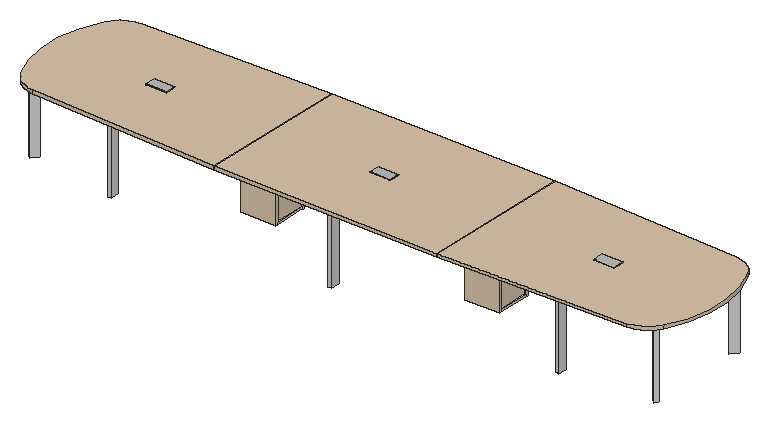
Revit family "Haworth_Planes_ConferenceTable_PebbleThreePiece", category Furniture Systems, Revit 2018 (continued)
Definition of nested family "Haworth_Planes_Worksurface_Pebble_3Piece_PART"
  Definition of nested family "Haworth_Planes_Worksurface_Pebble48_3Pieces_Part"
    Lines and regions (in)
      Masking region 8, visible <- "228w"
        outline origin (245.81191, -460.95037, 0) x (1, 0, 0) y (0, 1, 0)
          loop
            arc (-285.15192, 499.79037) -> (-316.10344, 499.16431) -> (-347.00453, 497.29037) r 767.38717
            arc (-347.00453, 497.29037) -> (-353.55586, 494.63267) -> (-357.47386, 488.74774) r 12
      Masking region 9, visible <- "234w"
        outline origin (245.81191, -514.33881, 0) x (1, 0, 0) y (0, 1, 0)
          loop
            arc (-360.47386, 542.13618) -> (-362.33191, 529.33881) -> (-360.47386, 516.54145) r 45
            arc (-360.47386, 516.54145) -> (-356.55586, 510.65651) -> (-350.00453, 507.99881) r 12
            arc (-350.00453, 507.99881) -> (-318.10265, 506.12484) -> (-286.15191, 505.49881) r 817.7136
            line (-286.15191, 505.49881) -> (-205.47191, 505.49881)
            arc (-205.47191, 505.49881) -> (-173.52118, 506.12484) -> (-141.6193, 507.99881) r 817.7136
            arc (-141.6193, 507.99881) -> (-135.06797, 510.65651) -> (-131.14997, 516.54145) r 12
            arc (-131.14997, 516.54145) -> (-129.29191, 529.33881) -> (-131.14997, 542.13618) r 45
            arc (-131.14997, 542.13618) -> (-135.06797, 548.02111) -> (-141.6193, 550.67881) r 12
            arc (-141.6193, 550.67881) -> (-173.52118, 552.55278) -> (-205.47191, 553.17881) r 817.7136
            line (-205.47191, 553.17881) -> (-286.15192, 553.17881)
            arc (-286.15192, 553.17881) -> (-318.10265, 552.55278) -> (-350.00453, 550.67881) r 817.7136
            arc (-350.00453, 550.67881) -> (-356.55586, 548.02111) -> (-360.47386, 542.13618) r 12
      Masking region 10, visible <- "240w"
        outline origin (246, -565.90155, 0) x (1, 0, 0) y (0, 1, 0)
          loop
            arc (-363.53189, 593.69891) -> (-365.38994, 580.90155) -> (-363.53189, 568.10418) r 45
            arc (-363.53189, 568.10418) -> (-359.61389, 562.21924) -> (-353.06256, 559.56155) r 12
            arc (-353.06256, 559.56155) -> (-320.15994, 557.68755) -> (-287.20994, 557.06155) r 869.64144
            line (-287.20994, 557.06155) -> (-204.52994, 557.06155)
            arc (-204.52994, 557.06155) -> (-171.57995, 557.68755) -> (-138.67733, 559.56155) r 869.64144
            arc (-138.67733, 559.56155) -> (-132.126, 562.21924) -> (-128.208, 568.10418) r 12
            arc (-128.208, 568.10418) -> (-126.34994, 580.90155) -> (-128.208, 593.69891) r 45
            arc (-128.208, 593.69891) -> (-132.126, 599.58385) -> (-138.67733, 602.24155) r 12
            arc (-138.67733, 602.24155) -> (-171.57995, 604.11555) -> (-204.52994, 604.74155) r 869.64144
            line (-204.52994, 604.74155) -> (-287.20995, 604.74155)
            arc (-287.20995, 604.74155) -> (-320.15994, 604.11555) -> (-353.06256, 602.24155) r 869.64144
            arc (-353.06256, 602.24155) -> (-359.61389, 599.58385) -> (-363.53189, 593.69891) r 12
      Masking region 11, visible <- "246w"
        outline origin (245.51366, -616.21148, 0) x (1, 0, 0) y (0, 1, 0)
          loop
            arc (-366.17561, 644.00884) -> (-368.03366, 631.21148) -> (-366.17561, 618.41411) r 45
            arc (-366.17561, 618.41411) -> (-362.25761, 612.52917) -> (-355.70628, 609.87148) r 12
            arc (-355.70628, 609.87148) -> (-321.80296, 607.99745) -> (-287.85366, 607.37148) r 923.17069
            line (-287.85366, 607.37148) -> (-203.17366, 607.37148)
            arc (-203.17366, 607.37148) -> (-169.22437, 607.99745) -> (-135.32105, 609.87148) r 923.17069
            arc (-135.32105, 609.87148) -> (-128.76972, 612.52917) -> (-124.85172, 618.41411) r 12
            arc (-124.85172, 618.41411) -> (-122.99366, 631.21148) -> (-124.85172, 644.00884) r 45
            arc (-124.85172, 644.00884) -> (-128.76972, 649.89378) -> (-135.32105, 652.55148) r 12
            arc (-135.32105, 652.55148) -> (-169.22437, 654.4255) -> (-203.17366, 655.05148) r 923.17069
            line (-203.17366, 655.05148) -> (-287.85367, 655.05148)
            arc (-287.85367, 655.05148) -> (-321.80296, 654.4255) -> (-355.70628, 652.55148) r 923.17069
            arc (-355.70628, 652.55148) -> (-362.25761, 649.89378) -> (-366.17561, 644.00884) r 12
      Masking region 12, visible <- "252w"
        outline origin (245.59049, -665.89644, 0) x (1, 0, 0) y (0, 1, 0)
          loop
            arc (-369.25244, 693.6938) -> (-371.11049, 680.89644) -> (-369.25244, 668.09908) r 45
            arc (-369.25244, 668.09908) -> (-365.33443, 662.21414) -> (-358.7831, 659.55644) r 12
            arc (-358.7831, 659.55644) -> (-323.87913, 657.68239) -> (-288.93049, 657.05644) r 978.30135
            line (-288.93049, 657.05644) -> (-202.25049, 657.05644)
            arc (-202.25049, 657.05644) -> (-167.30185, 657.68239) -> (-132.39788, 659.55644) r 978.30135
            arc (-132.39788, 659.55644) -> (-125.84655, 662.21414) -> (-121.92854, 668.09908) r 12
            arc (-121.92854, 668.09908) -> (-120.07049, 680.89644) -> (-121.92854, 693.6938) r 45
            arc (-121.92854, 693.6938) -> (-125.84655, 699.57874) -> (-132.39788, 702.23644) r 12
            arc (-132.39788, 702.23644) -> (-167.30185, 704.11049) -> (-202.25049, 704.73644) r 978.30135
            line (-202.25049, 704.73644) -> (-288.93049, 704.73644)
            arc (-288.93049, 704.73644) -> (-323.87913, 704.11049) -> (-358.7831, 702.23644) r 978.30135
            arc (-358.7831, 702.23644) -> (-365.33443, 699.57874) -> (-369.25244, 693.6938) r 12
      Masking region 13, visible <- "258w"
        outline origin (245.82512, -715.85657, 0) x (1, 0, 0) y (0, 1, 0)
          loop
            arc (-372.48706, 743.65393) -> (-374.34512, 730.85657) -> (-372.48706, 718.0592) r 45
            arc (-372.48706, 718.0592) -> (-368.56906, 712.17426) -> (-362.01773, 709.51657) r 12
            arc (-362.01773, 709.51657) -> (-326.11314, 707.6425) -> (-290.16512, 707.01657) r 1035.03342
            line (-290.16512, 707.01657) -> (-201.48512, 707.01657)
            arc (-201.48512, 707.01657) -> (-165.5371, 707.6425) -> (-129.6325, 709.51657) r 1035.03342
            arc (-129.6325, 709.51657) -> (-123.08118, 712.17426) -> (-119.16317, 718.0592) r 12
            arc (-119.16317, 718.0592) -> (-117.30512, 730.85657) -> (-119.16317, 743.65393) r 45
            arc (-119.16317, 743.65393) -> (-123.08118, 749.53887) -> (-129.6325, 752.19657) r 12
            arc (-129.6325, 752.19657) -> (-165.5371, 754.07064) -> (-201.48511, 754.69657) r 1035.03342
            line (-201.48511, 754.69657) -> (-290.16512, 754.69657)
            arc (-290.16512, 754.69657) -> (-326.11314, 754.07064) -> (-362.01773, 752.19657) r 1035.03342
            arc (-362.01773, 752.19657) -> (-368.56906, 749.53887) -> (-372.48706, 743.65393) r 12
      Masking region 14, visible <- "264w"
        outline origin (246.09494, -766.82462, 0) x (1, 0, 0) y (0, 1, 0)
          loop
            arc (-375.75688, 794.62199) -> (-377.61494, 781.82462) -> (-375.75688, 769.02726) r 45
            arc (-375.75688, 769.02726) -> (-371.83888, 763.14232) -> (-365.28755, 760.48462) r 12
            arc (-365.28755, 760.48462) -> (-328.38237, 758.61053) -> (-291.43494, 757.98462) r 1093.36691
            line (-291.43494, 757.98462) -> (-200.75494, 757.98462)
            arc (-200.75494, 757.98462) -> (-163.80751, 758.61053) -> (-126.90233, 760.48462) r 1093.36691
            arc (-126.90233, 760.48462) -> (-120.351, 763.14232) -> (-116.43299, 769.02726) r 12
            arc (-116.43299, 769.02726) -> (-114.57494, 781.82462) -> (-116.43299, 794.62199) r 45
            arc (-116.43299, 794.62199) -> (-120.351, 800.50692) -> (-126.90233, 803.16462) r 12
            arc (-126.90233, 803.16462) -> (-163.8075, 805.03871) -> (-200.75494, 805.66462) r 1093.36691
            line (-200.75494, 805.66462) -> (-291.43494, 805.66462)
            arc (-291.43494, 805.66462) -> (-328.38237, 805.03871) -> (-365.28755, 803.16462) r 1093.36691
            arc (-365.28755, 803.16462) -> (-371.83888, 800.50692) -> (-375.75688, 794.62199) r 12
      Masking region 15, visible <- "270w"
        outline origin (247.23913, -818.23831, 0) x (1, 0, 0) y (0, 1, 0)
          loop
            arc (-379.90107, 846.03568) -> (-381.75913, 833.23831) -> (-379.90107, 820.44095) r 45
            arc (-379.90107, 820.44095) -> (-375.98307, 814.55601) -> (-369.43174, 811.89831) r 12
            arc (-369.43174, 811.89831) -> (-331.526, 810.0242) -> (-293.57913, 809.39831) r 1153.3018
            line (-293.57913, 809.39831) -> (-200.89913, 809.39831)
            arc (-200.89913, 809.39831) -> (-162.95225, 810.0242) -> (-125.04652, 811.89831) r 1153.3018
            arc (-125.04652, 811.89831) -> (-118.49519, 814.55601) -> (-114.57718, 820.44095) r 12
            arc (-114.57718, 820.44095) -> (-112.71913, 833.23831) -> (-114.57718, 846.03568) r 45
            arc (-114.57718, 846.03568) -> (-118.49519, 851.92062) -> (-125.04652, 854.57831) r 12
            arc (-125.04652, 854.57831) -> (-162.95225, 856.45242) -> (-200.89912, 857.07831) r 1153.3018
            line (-200.89912, 857.07831) -> (-293.57913, 857.07831)
            arc (-293.57913, 857.07831) -> (-331.526, 856.45242) -> (-369.43174, 854.57831) r 1153.3018
            arc (-369.43174, 854.57831) -> (-375.98307, 851.92062) -> (-379.90107, 846.03568) r 12
      symbolic lines, visible <- "186w", detail levels medium+fine
        curve 1: line (-30.84, 38.83768, 0) -> (-30.84, -8.83768, 0)
        curve 2: line (30.84, -8.83768, 0) -> (30.84, 38.83768, 0)
      symbolic lines, visible <- "192w", detail levels medium+fine
        curve 3: line (31.84, -8.83786, 0) -> (31.84, 38.83786, 0)
        curve 4: line (-31.84, 38.83786, 0) -> (-31.84, -8.83786, 0)
      symbolic lines, visible <- "198w", detail levels medium+fine
        curve 5: line (-32.84, 38.83802, 0) -> (-32.84, -8.83802, 0)
        curve 6: line (32.84, -8.83802, 0) -> (32.84, 38.83802, 0)
      symbolic lines, visible <- "204w", detail levels medium+fine
        curve 7: line (33.84, -8.83817, 0) -> (33.84, 38.83817, 0)
        curve 8: line (-33.84, 38.83817, 0) -> (-33.84, -8.83817, 0)
      symbolic lines, visible <- "210w", detail levels medium+fine
        curve 9: line (-34.84, 38.72863, 0) -> (-34.84, -8.94796, 0)
        curve 10: line (34.84, -8.94796, 0) -> (34.84, 38.72863, 0)
      symbolic lines, visible <- "216w", detail levels medium+fine
        curve 11: line (35.84, -8.83841, 0) -> (35.84, 38.83841, 0)
        curve 12: line (-35.84, 38.83841, 0) -> (-35.84, -8.83841, 0)
      symbolic lines, visible <- "222w", detail levels medium+fine
        curve 13: line (-36.84, 38.83852, 0) -> (-36.84, -8.83852, 0)
        curve 14: line (36.84, -8.83852, 0) -> (36.84, 38.83852, 0)
      symbolic lines, visible <- "228w", detail levels medium+fine
        curve 15: line (37.84, -8.83861, 0) -> (37.84, 38.83861, 0)
        curve 16: line (-37.84, 38.83861, 0) -> (-37.84, -8.83861, 0)
      symbolic lines, visible <- "234w", detail levels medium+fine
        curve 17: line (-38.84, 38.8387, 0) -> (-38.84, -8.8387, 0)
        curve 18: line (38.84, -8.8387, 0) -> (38.84, 38.8387, 0)
      symbolic lines, visible <- "240w", detail levels medium+fine
        curve 19: line (39.97006, -8.83878, 0) -> (39.97006, 38.83878, 0)
        curve 20: line (-39.70994, 38.83878, 0) -> (-39.70994, -8.83878, 0)
      symbolic lines, visible <- "246w", detail levels medium+fine
        curve 21: line (-40.84, 38.83885, 0) -> (-40.84, -8.83885, 0)
        curve 22: line (40.84, -8.83885, 0) -> (40.84, 38.83885, 0)
      symbolic lines, visible <- "252w", detail levels medium+fine
        curve 23: line (41.84, -8.83891, 0) -> (41.84, 38.83891, 0)
        curve 24: line (-41.84, 38.83891, 0) -> (-41.84, -8.83891, 0)
      symbolic lines, visible <- "258w", detail levels medium+fine
        curve 25: line (-42.84, 38.83897, 0) -> (-42.84, -8.83897, 0)
        curve 26: line (42.84, -8.83897, 0) -> (42.84, 38.83897, 0)
      symbolic lines, visible <- "264w", detail levels medium+fine
        curve 27: line (43.84, -8.83903, 0) -> (43.84, 38.83903, 0)
        curve 28: line (-43.84, 38.83903, 0) -> (-43.84, -8.83903, 0)
      symbolic lines, visible <- "270w", detail levels medium+fine
        curve 29: line (-44.84, 38.83908, 0) -> (-44.84, -8.83908, 0)
        curve 30: line (44.84, -8.83908, 0) -> (44.84, 38.83908, 0)
    Dimensions and locks (in)
      "Thickness": plane 4 "Table Top" to plane 5 "Table Bottom"
      "Actual Height": plane 4 "Table Top" to level
      "Cutout Dimension": plane 6 "Cutout Top" to plane 7 "Cutout Bottom"
      plane 6 "Cutout Top" to plane 4 "Table Top" = 1"
      locked: plane 4 "Table Top" to plane 8 "KnifeEdge Middle" at 0.375
      aligned and locked: plane 4 "Table Top" to Extrusion 15
      aligned and locked: plane 4 "Table Top" to Extrusion 30
      aligned and locked: plane 4 "Table Top" to Extrusion 14
      aligned and locked: plane 4 "Table Top" to Extrusion 13
      aligned and locked: plane 4 "Table Top" to Extrusion 29
      aligned and locked: plane 4 "Table Top" to Extrusion 12
      aligned and locked: plane 4 "Table Top" to Extrusion 11
      aligned and locked: plane 4 "Table Top" to Extrusion 7
      aligned and locked: plane 4 "Table Top" to Extrusion 8
      aligned and locked: plane 4 "Table Top" to Extrusion 10
      aligned and locked: plane 4 "Table Top" to Extrusion 9
      aligned and locked: plane 4 "Table Top" to Extrusion 1
      aligned and locked: plane 4 "Table Top" to Extrusion 6
      aligned and locked: plane 4 "Table Top" to Extrusion 5
      aligned and locked: plane 4 "Table Top" to Extrusion 4
      aligned and locked: plane 4 "Table Top" to Extrusion 3
      aligned and locked: plane 4 "Table Top" to Extrusion 2
      aligned and locked: Extrusion 15 to plane 5 "Table Bottom"
      aligned and locked: Extrusion 14 to plane 5 "Table Bottom"
      aligned and locked: Extrusion 13 to plane 5 "Table Bottom"
      aligned and locked: Extrusion 12 to plane 5 "Table Bottom"
      aligned and locked: Extrusion 11 to plane 5 "Table Bottom"
      aligned and locked: Extrusion 10 to plane 5 "Table Bottom"
      aligned and locked: Extrusion 9 to plane 5 "Table Bottom"
      aligned and locked: Extrusion 8 to plane 5 "Table Bottom"
      aligned and locked: Extrusion 7 to plane 5 "Table Bottom"
      aligned and locked: Extrusion 6 to plane 5 "Table Bottom"
      aligned and locked: Extrusion 5 to plane 5 "Table Bottom"
      aligned and locked: Extrusion 4 to plane 5 "Table Bottom"
      aligned and locked: Extrusion 3 to plane 5 "Table Bottom"
      aligned and locked: Extrusion 2 to plane 5 "Table Bottom"
      aligned and locked: Extrusion 1 to plane 5 "Table Bottom"
      aligned and locked: Extrusion 15 to Extrusion 30
      aligned and locked: Extrusion 14 to Extrusion 29
      aligned and locked: Extrusion 28 to Extrusion 13
      aligned and locked: Extrusion 13 to Extrusion 28
      aligned and locked: Extrusion 12 to Extrusion 26  (x2)
      aligned and locked: Extrusion 11 to Extrusion 27  (x2)
      aligned and locked: Extrusion 10 to Extrusion 25  (x2)
      aligned and locked: Extrusion 9 to Extrusion 24  (x2)
      aligned and locked: Extrusion 8 to Extrusion 23  (x2)
      aligned and locked: Extrusion 7 to Extrusion 22  (x2)
      aligned and locked: Extrusion 6 to Extrusion 21  (x2)
      aligned and locked: Extrusion 5 to Extrusion 20  (x2)
      aligned and locked: Extrusion 4 to Extrusion 19  (x2)
      aligned and locked: Extrusion 3 to Extrusion 18  (x2)
      aligned and locked: Extrusion 2 to Extrusion 17  (x2)
      aligned and locked: Extrusion 1 to Extrusion 16  (x2)
    Automatic sketch dimensions
      Extrusion 1 sketch curve to Extrusion 1 sketch curve = 0"  (x10)
      Extrusion 1 sketch curve to Extrusion 1 sketch curve = 16.68"  (x2)
      Extrusion 1 sketch curve to Extrusion 1 sketch curve = 61.68"
      Extrusion 1 sketch curve to Extrusion 1 sketch curve = 64.60506"  (x2)
      Extrusion 1 sketch curve to Extrusion 1 sketch curve = 31.63804"  (x2)
      plane 1 "Center F/B" to Extrusion 1 sketch curve = 23.83768"
      Extrusion 1 sketch curve to Extrusion 1 sketch curve = 14.455"  (x2)
      Extrusion 1 sketch curve to Extrusion 1 sketch curve = 23.83768"  (x4)
      Extrusion 1 sketch curve to Extrusion 1 sketch curve = 18.76535"  (x2)
      Extrusion 1 sketch curve to Extrusion 1 sketch curve = 11.50474"
      Extrusion 1 sketch curve to plane 3 "Center L/R" = 79.15804"
      Extrusion 1 sketch curve to plane 3 "Center L/R" = 32.30253"  (x2)
      plane 1 "Center F/B" to Extrusion 1 sketch curve = 436.10167"
      Extrusion 1 sketch curve to Extrusion 1 sketch curve = 412.26399"
      Extrusion 2 sketch curve to Extrusion 2 sketch curve = 0"  (x10)
      Extrusion 2 sketch curve to Extrusion 2 sketch curve = 31.63778"  (x2)
      Extrusion 2 sketch curve to Extrusion 2 sketch curve = 18.68"  (x2)
      Extrusion 2 sketch curve to Extrusion 2 sketch curve = 63.68"
      Extrusion 2 sketch curve to Extrusion 2 sketch curve = 66.60461"  (x2)
      plane 1 "Center F/B" to Extrusion 2 sketch curve = 475.21822"
      plane 1 "Center F/B" to Extrusion 2 sketch curve = 23.83786"
      Extrusion 2 sketch curve to Extrusion 2 sketch curve = 14.45433"  (x2)
      Extrusion 2 sketch curve to Extrusion 2 sketch curve = 23.83786"  (x4)
      Extrusion 2 sketch curve to Extrusion 2 sketch curve = 18.76705"  (x2)
      Extrusion 2 sketch curve to Extrusion 2 sketch curve = 11.50465"
      Extrusion 2 sketch curve to plane 3 "Center L/R" = 82.15778"
      Extrusion 2 sketch curve to plane 3 "Center L/R" = 33.30231"  (x2)
      Extrusion 2 sketch curve to Extrusion 2 sketch curve = 451.38036"
      Extrusion 3 sketch curve to Extrusion 3 sketch curve = 0"  (x10)
      Extrusion 3 sketch curve to Extrusion 3 sketch curve = 31.63761"  (x2)
      Extrusion 3 sketch curve to Extrusion 3 sketch curve = 65.68"
      Extrusion 3 sketch curve to Extrusion 3 sketch curve = 68.60406"  (x2)
      Extrusion 3 sketch curve to Extrusion 3 sketch curve = 20.68"  (x2)
      plane 1 "Center F/B" to Extrusion 3 sketch curve = 515.93619"
      plane 1 "Center F/B" to Extrusion 3 sketch curve = 23.83802"
      Extrusion 3 sketch curve to Extrusion 3 sketch curve = 14.45391"  (x2)
      Extrusion 3 sketch curve to Extrusion 3 sketch curve = 23.83802"  (x4)
      Extrusion 3 sketch curve to Extrusion 3 sketch curve = 18.76822"  (x2)
      Extrusion 3 sketch curve to Extrusion 3 sketch curve = 11.50459"
      Extrusion 3 sketch curve to plane 3 "Center L/R" = 85.15761"
      Extrusion 3 sketch curve to plane 3 "Center L/R" = 34.30203"  (x2)
      Extrusion 3 sketch curve to Extrusion 3 sketch curve = 492.09816"
      Extrusion 4 sketch curve to Extrusion 4 sketch curve = 0"  (x9)
      Extrusion 4 sketch curve to Extrusion 4 sketch curve = 31.6375"  (x2)
      Extrusion 4 sketch curve to Extrusion 4 sketch curve = 67.68"
      Extrusion 4 sketch curve to Extrusion 4 sketch curve = 70.60342"  (x2)
      Extrusion 4 sketch curve to Extrusion 4 sketch curve = 22.68"  (x2)
      plane 1 "Center F/B" to Extrusion 4 sketch curve = 23.83817"
      Extrusion 4 sketch curve to Extrusion 4 sketch curve = 14.45369"  (x2)
      Extrusion 4 sketch curve to Extrusion 4 sketch curve = 23.83817"  (x4)
      Extrusion 4 sketch curve to Extrusion 4 sketch curve = 18.76896"  (x2)
      Extrusion 4 sketch curve to Extrusion 4 sketch curve = 11.50455"  (x2)
      Extrusion 4 sketch curve to plane 3 "Center L/R" = 88.1575"
      Extrusion 4 sketch curve to plane 3 "Center L/R" = 35.30171"  (x2)
      plane 1 "Center F/B" to Extrusion 4 sketch curve = 558.25556"
      Extrusion 4 sketch curve to Extrusion 4 sketch curve = 534.41739"
      Extrusion 5 sketch curve to Extrusion 5 sketch curve = 0"  (x9)
      Extrusion 5 sketch curve to Extrusion 5 sketch curve = 31.63744"  (x2)
      Extrusion 5 sketch curve to Extrusion 5 sketch curve = 69.68"
      Extrusion 5 sketch curve to Extrusion 5 sketch curve = 72.6027"  (x2)
      Extrusion 5 sketch curve to Extrusion 5 sketch curve = 24.68"  (x2)
      plane 1 "Center F/B" to Extrusion 5 sketch curve = 23.94796"
      Extrusion 5 sketch curve to Extrusion 5 sketch curve = 14.45362"  (x2)
      Extrusion 5 sketch curve to Extrusion 5 sketch curve = 9.38468"  (x2)
      Extrusion 5 sketch curve to Extrusion 5 sketch curve = 18.76935"  (x2)
      Extrusion 5 sketch curve to Extrusion 5 sketch curve = 23.8383"  (x2)
      Extrusion 5 sketch curve to Extrusion 5 sketch curve = 11.50453"  (x2)
      Extrusion 5 sketch curve to plane 3 "Center L/R" = 91.15744"
      Extrusion 5 sketch curve to plane 3 "Center L/R" = 36.30135"  (x2)
      plane 1 "Center F/B" to Extrusion 5 sketch curve = 602.28601"
      Extrusion 5 sketch curve to Extrusion 5 sketch curve = 578.33805"
      Extrusion 6 sketch curve to Extrusion 6 sketch curve = 0"  (x9)
      Extrusion 6 sketch curve to Extrusion 6 sketch curve = 31.63743"  (x2)
      Extrusion 6 sketch curve to Extrusion 6 sketch curve = 26.68"  (x2)
      Extrusion 6 sketch curve to Extrusion 6 sketch curve = 71.68"
      Extrusion 6 sketch curve to Extrusion 6 sketch curve = 74.6019"  (x2)
      plane 1 "Center F/B" to Extrusion 6 sketch curve = 23.83841"
      Extrusion 6 sketch curve to Extrusion 6 sketch curve = 14.45368"  (x2)
      Extrusion 6 sketch curve to Extrusion 6 sketch curve = 9.38473"  (x2)
      Extrusion 6 sketch curve to Extrusion 6 sketch curve = 18.76947"  (x2)
      Extrusion 6 sketch curve to Extrusion 6 sketch curve = 23.83841"  (x2)
      Extrusion 6 sketch curve to Extrusion 6 sketch curve = 11.50452"  (x2)
      Extrusion 6 sketch curve to plane 3 "Center L/R" = 94.15743"
      Extrusion 6 sketch curve to plane 3 "Center L/R" = 37.30095"  (x2)
      plane 1 "Center F/B" to Extrusion 6 sketch curve = 647.69854"
      Extrusion 6 sketch curve to Extrusion 6 sketch curve = 623.86013"
      Extrusion 7 sketch curve to Extrusion 7 sketch curve = 0"  (x9)
      Extrusion 7 sketch curve to Extrusion 7 sketch curve = 31.63744"  (x2)
      Extrusion 7 sketch curve to Extrusion 7 sketch curve = 28.68"  (x2)
      Extrusion 7 sketch curve to Extrusion 7 sketch curve = 73.68"
      Extrusion 7 sketch curve to Extrusion 7 sketch curve = 76.60105"  (x2)
      plane 1 "Center F/B" to Extrusion 7 sketch curve = 23.83852"
      Extrusion 7 sketch curve to Extrusion 7 sketch curve = 14.45384"  (x2)
      Extrusion 7 sketch curve to Extrusion 7 sketch curve = 9.38468"  (x2)
      Extrusion 7 sketch curve to Extrusion 7 sketch curve = 18.76936"  (x2)
      Extrusion 7 sketch curve to Extrusion 7 sketch curve = 23.83852"  (x2)
      Extrusion 7 sketch curve to Extrusion 7 sketch curve = 11.50452"  (x2)
      Extrusion 7 sketch curve to plane 3 "Center L/R" = 97.15744"
      Extrusion 7 sketch curve to plane 3 "Center L/R" = 38.30052"  (x2)
      plane 1 "Center F/B" to Extrusion 7 sketch curve = 694.82215"
      Extrusion 7 sketch curve to Extrusion 7 sketch curve = 670.98363"
      Extrusion 8 sketch curve to Extrusion 8 sketch curve = 0"  (x9)
      Extrusion 8 sketch curve to Extrusion 8 sketch curve = 31.63749"  (x2)
      Extrusion 8 sketch curve to Extrusion 8 sketch curve = 30.68"  (x2)
      Extrusion 8 sketch curve to Extrusion 8 sketch curve = 75.68"
      Extrusion 8 sketch curve to Extrusion 8 sketch curve = 78.60013"  (x2)
      plane 1 "Center F/B" to Extrusion 8 sketch curve = 23.83861"
      Extrusion 8 sketch curve to Extrusion 8 sketch curve = 14.45408"  (x2)
      Extrusion 8 sketch curve to Extrusion 8 sketch curve = 9.38454"  (x2)
      Extrusion 8 sketch curve to Extrusion 8 sketch curve = 18.76907"  (x2)
      Extrusion 8 sketch curve to Extrusion 8 sketch curve = 23.83861"  (x2)
      Extrusion 8 sketch curve to Extrusion 8 sketch curve = 11.50454"  (x2)
      Extrusion 8 sketch curve to plane 3 "Center L/R" = 100.15749"
      Extrusion 8 sketch curve to plane 3 "Center L/R" = 39.30006"  (x2)
      plane 1 "Center F/B" to Extrusion 8 sketch curve = 743.54717"
      Extrusion 8 sketch curve to Extrusion 8 sketch curve = 719.70856"
      Extrusion 9 sketch curve to Extrusion 9 sketch curve = 0"  (x10)
      Extrusion 9 sketch curve to Extrusion 9 sketch curve = 31.63755"  (x2)
      Extrusion 9 sketch curve to Extrusion 9 sketch curve = 32.68"  (x2)
      Extrusion 9 sketch curve to Extrusion 9 sketch curve = 77.68"
      Extrusion 9 sketch curve to Extrusion 9 sketch curve = 80.59916"  (x2)
      plane 1 "Center F/B" to Extrusion 9 sketch curve = 23.8387"
      Extrusion 9 sketch curve to Extrusion 9 sketch curve = 14.45438"  (x2)
      Extrusion 9 sketch curve to Extrusion 9 sketch curve = 9.38432"  (x2)
      Extrusion 9 sketch curve to Extrusion 9 sketch curve = 18.76864"  (x2)
      Extrusion 9 sketch curve to Extrusion 9 sketch curve = 23.8387"  (x2)
      Extrusion 9 sketch curve to Extrusion 9 sketch curve = 11.50456"
      Extrusion 9 sketch curve to plane 3 "Center L/R" = 103.15755"
      Extrusion 9 sketch curve to plane 3 "Center L/R" = 40.29958"  (x2)
      plane 1 "Center F/B" to Extrusion 9 sketch curve = 793.8736"
      Extrusion 9 sketch curve to Extrusion 9 sketch curve = 770.0349"
      Extrusion 10 sketch curve to Extrusion 10 sketch curve = 0"  (x9)
      Extrusion 10 sketch curve to Extrusion 10 sketch curve = 31.63763"  (x2)
      Extrusion 10 sketch curve to Extrusion 10 sketch curve = 79.68"
      Extrusion 10 sketch curve to Extrusion 10 sketch curve = 82.59814"  (x2)
      Extrusion 10 sketch curve to Extrusion 10 sketch curve = 34.68"  (x2)
      plane 1 "Center F/B" to Extrusion 10 sketch curve = 23.83878"
      Extrusion 10 sketch curve to Extrusion 10 sketch curve = 14.45474"  (x2)
      Extrusion 10 sketch curve to Extrusion 10 sketch curve = 9.38404"  (x2)
      Extrusion 10 sketch curve to Extrusion 10 sketch curve = 18.76808"  (x2)
      Extrusion 10 sketch curve to Extrusion 10 sketch curve = 23.83878"  (x2)
      Extrusion 10 sketch curve to Extrusion 10 sketch curve = 11.50459"  (x2)
      Extrusion 10 sketch curve to plane 3 "Center L/R" = 106.02758"
      Extrusion 10 sketch curve to plane 3 "Center L/R" = 41.16901"  (x2)
      plane 1 "Center F/B" to Extrusion 10 sketch curve = 845.80144"
      Extrusion 10 sketch curve to Extrusion 10 sketch curve = 821.96266"
      Extrusion 11 sketch curve to Extrusion 11 sketch curve = 0"  (x10)
      Extrusion 11 sketch curve to Extrusion 11 sketch curve = 31.63773"  (x2)
      Extrusion 11 sketch curve to Extrusion 11 sketch curve = 81.68"
      Extrusion 11 sketch curve to Extrusion 11 sketch curve = 84.59708"  (x2)
      Extrusion 11 sketch curve to Extrusion 11 sketch curve = 36.68"  (x2)
      plane 1 "Center F/B" to Extrusion 11 sketch curve = 23.83885"
      Extrusion 11 sketch curve to Extrusion 11 sketch curve = 14.45513"  (x2)
      Extrusion 11 sketch curve to Extrusion 11 sketch curve = 9.38372"  (x2)
      Extrusion 11 sketch curve to Extrusion 11 sketch curve = 18.76744"  (x2)
      Extrusion 11 sketch curve to Extrusion 11 sketch curve = 23.83885"  (x2)
      Extrusion 11 sketch curve to Extrusion 11 sketch curve = 11.50463"
      Extrusion 11 sketch curve to plane 3 "Center L/R" = 109.15773"
      Extrusion 11 sketch curve to plane 3 "Center L/R" = 42.29854"  (x2)
      plane 1 "Center F/B" to Extrusion 11 sketch curve = 899.33069"
      Extrusion 11 sketch curve to Extrusion 11 sketch curve = 875.49184"
      Extrusion 12 sketch curve to Extrusion 12 sketch curve = 0"  (x9)
      Extrusion 12 sketch curve to Extrusion 12 sketch curve = 31.63783"  (x2)
      Extrusion 12 sketch curve to Extrusion 12 sketch curve = 83.68"
      Extrusion 12 sketch curve to Extrusion 12 sketch curve = 86.59598"  (x2)
      Extrusion 12 sketch curve to Extrusion 12 sketch curve = 38.68"  (x2)
      plane 1 "Center F/B" to Extrusion 12 sketch curve = 23.83891"
      Extrusion 12 sketch curve to Extrusion 12 sketch curve = 14.45556"  (x2)
      Extrusion 12 sketch curve to Extrusion 12 sketch curve = 9.38336"  (x2)
      Extrusion 12 sketch curve to Extrusion 12 sketch curve = 18.76672"  (x2)
      Extrusion 12 sketch curve to Extrusion 12 sketch curve = 23.83891"  (x2)
      Extrusion 12 sketch curve to Extrusion 12 sketch curve = 11.50467"  (x2)
      Extrusion 12 sketch curve to plane 3 "Center L/R" = 112.15783"
      Extrusion 12 sketch curve to plane 3 "Center L/R" = 43.29799"  (x2)
      plane 1 "Center F/B" to Extrusion 12 sketch curve = 954.46135"
      Extrusion 12 sketch curve to Extrusion 12 sketch curve = 930.62244"
      Extrusion 13 sketch curve to Extrusion 13 sketch curve = 0"  (x10)
      Extrusion 13 sketch curve to Extrusion 13 sketch curve = 31.63795"  (x2)
      Extrusion 13 sketch curve to Extrusion 13 sketch curve = 40.68"  (x2)
      Extrusion 13 sketch curve to Extrusion 13 sketch curve = 85.68"
      Extrusion 13 sketch curve to Extrusion 13 sketch curve = 88.59484"  (x2)
      plane 1 "Center F/B" to Extrusion 13 sketch curve = 23.83897"
      Extrusion 13 sketch curve to Extrusion 13 sketch curve = 14.45601"  (x2)
      Extrusion 13 sketch curve to Extrusion 13 sketch curve = 9.38297"  (x2)
      Extrusion 13 sketch curve to Extrusion 13 sketch curve = 18.76594"  (x2)
      Extrusion 13 sketch curve to Extrusion 13 sketch curve = 23.83897"  (x2)
      Extrusion 13 sketch curve to Extrusion 13 sketch curve = 11.50471"
      Extrusion 13 sketch curve to plane 3 "Center L/R" = 115.15795"
      Extrusion 13 sketch curve to plane 3 "Center L/R" = 44.29742"  (x2)
      plane 1 "Center F/B" to Extrusion 13 sketch curve = 1011.19342"
      Extrusion 13 sketch curve to Extrusion 13 sketch curve = 987.35445"
      Extrusion 14 sketch curve to Extrusion 14 sketch curve = 0"  (x9)
      Extrusion 14 sketch curve to Extrusion 14 sketch curve = 31.63807"  (x2)
      Extrusion 14 sketch curve to Extrusion 14 sketch curve = 90.59366"  (x2)
      Extrusion 14 sketch curve to Extrusion 14 sketch curve = 42.68"  (x2)
      plane 1 "Center F/B" to Extrusion 14 sketch curve = 23.83903"
      Extrusion 14 sketch curve to Extrusion 14 sketch curve = 14.45647"  (x2)
      Extrusion 14 sketch curve to Extrusion 14 sketch curve = 9.38256"  (x2)
      Extrusion 14 sketch curve to Extrusion 14 sketch curve = 18.76511"  (x2)
      Extrusion 14 sketch curve to Extrusion 14 sketch curve = 47.67806"  (x2)
      Extrusion 14 sketch curve to Extrusion 14 sketch curve = 11.50475"  (x2)
      Extrusion 14 sketch curve to plane 3 "Center L/R" = 118.15807"
      Extrusion 14 sketch curve to plane 3 "Center L/R" = 45.29683"  (x2)
      Extrusion 14 sketch curve to Extrusion 14 sketch curve = 87.68"
      plane 1 "Center F/B" to Extrusion 14 sketch curve = 1069.52691"
      Extrusion 14 sketch curve to Extrusion 14 sketch curve = 1045.68788"
      Extrusion 15 sketch curve to plane 3 "Center L/R" = 121.1582"
      Extrusion 15 sketch curve to Extrusion 15 sketch curve = 0"  (x11)
      Extrusion 15 sketch curve to Extrusion 15 sketch curve = 31.6382"  (x2)
      Extrusion 15 sketch curve to plane 3 "Center L/R" = 46.29623"  (x2)
      Extrusion 15 sketch curve to Extrusion 15 sketch curve = 44.68"  (x2)
      Extrusion 15 sketch curve to Extrusion 15 sketch curve = 89.68"
      Extrusion 15 sketch curve to Extrusion 15 sketch curve = 92.59246"  (x2)
      plane 1 "Center F/B" to Extrusion 15 sketch curve = 1129.4618"
      plane 1 "Center F/B" to Extrusion 15 sketch curve = 23.83908"
      Extrusion 15 sketch curve to Extrusion 15 sketch curve = 14.45696"  (x2)
      Extrusion 15 sketch curve to Extrusion 15 sketch curve = 9.38213"  (x2)
      Extrusion 15 sketch curve to Extrusion 15 sketch curve = 18.76425"  (x2)
      Extrusion 15 sketch curve to Extrusion 15 sketch curve = 47.67816"  (x2)
      Extrusion 15 sketch curve to Extrusion 15 sketch curve = 1105.62272"
      plane 1 "Center F/B" to Extrusion 16 sketch curve = 23.83768"
      Extrusion 16 sketch curve to plane 3 "Center L/R" = 30.84"
      Extrusion 16 sketch curve to Extrusion 16 sketch curve = 61.68"
      Extrusion 16 sketch curve to Extrusion 16 sketch curve = 47.67535"
      plane 1 "Center F/B" to Extrusion 17 sketch curve = 23.83786"
      Extrusion 17 sketch curve to plane 3 "Center L/R" = 31.84"
      Extrusion 17 sketch curve to Extrusion 17 sketch curve = 63.68"
      Extrusion 17 sketch curve to Extrusion 17 sketch curve = 47.67572"
      Extrusion 18 sketch curve to plane 3 "Center L/R" = 32.84"
      Extrusion 18 sketch curve to Extrusion 18 sketch curve = 65.68"
      plane 1 "Center F/B" to Extrusion 18 sketch curve = 23.83802"
      Extrusion 18 sketch curve to Extrusion 18 sketch curve = 47.67604"
      Extrusion 19 sketch curve to plane 3 "Center L/R" = 33.84"
      Extrusion 19 sketch curve to Extrusion 19 sketch curve = 67.68"
      plane 1 "Center F/B" to Extrusion 19 sketch curve = 23.83817"
      Extrusion 19 sketch curve to Extrusion 19 sketch curve = 47.67633"
      Extrusion 20 sketch curve to plane 3 "Center L/R" = 34.84"
      Extrusion 20 sketch curve to Extrusion 20 sketch curve = 69.68"
      plane 1 "Center F/B" to Extrusion 20 sketch curve = 23.94796"
      Extrusion 20 sketch curve to Extrusion 20 sketch curve = 47.67659"
      Extrusion 21 sketch curve to plane 3 "Center L/R" = 35.84"
      Extrusion 21 sketch curve to Extrusion 21 sketch curve = 71.68"
      plane 1 "Center F/B" to Extrusion 21 sketch curve = 23.83841"
      Extrusion 21 sketch curve to Extrusion 21 sketch curve = 47.67682"
      Extrusion 22 sketch curve to plane 3 "Center L/R" = 36.84"
      Extrusion 22 sketch curve to Extrusion 22 sketch curve = 73.68"
      plane 1 "Center F/B" to Extrusion 22 sketch curve = 23.83852"
      Extrusion 22 sketch curve to Extrusion 22 sketch curve = 47.67703"
      Extrusion 23 sketch curve to plane 3 "Center L/R" = 37.84"
      Extrusion 23 sketch curve to Extrusion 23 sketch curve = 75.68"
      plane 1 "Center F/B" to Extrusion 23 sketch curve = 23.83861"
      Extrusion 23 sketch curve to Extrusion 23 sketch curve = 47.67722"
      Extrusion 24 sketch curve to plane 3 "Center L/R" = 38.84"
      Extrusion 24 sketch curve to Extrusion 24 sketch curve = 77.68"
      plane 1 "Center F/B" to Extrusion 24 sketch curve = 23.8387"
      Extrusion 24 sketch curve to Extrusion 24 sketch curve = 47.6774"
      Extrusion 25 sketch curve to plane 3 "Center L/R" = 39.70994"
      Extrusion 25 sketch curve to Extrusion 25 sketch curve = 79.68"
      plane 1 "Center F/B" to Extrusion 25 sketch curve = 23.83878"
      Extrusion 25 sketch curve to Extrusion 25 sketch curve = 47.67755"
      Extrusion 26 sketch curve to plane 3 "Center L/R" = 41.84"
      Extrusion 26 sketch curve to Extrusion 26 sketch curve = 83.68"
      plane 1 "Center F/B" to Extrusion 26 sketch curve = 23.83891"
      Extrusion 26 sketch curve to Extrusion 26 sketch curve = 47.67783"
      Extrusion 27 sketch curve to plane 3 "Center L/R" = 40.84"
      Extrusion 27 sketch curve to Extrusion 27 sketch curve = 81.68"
      plane 1 "Center F/B" to Extrusion 27 sketch curve = 23.83885"
      Extrusion 27 sketch curve to Extrusion 27 sketch curve = 47.6777"
      Extrusion 28 sketch curve to plane 3 "Center L/R" = 42.84"
      Extrusion 28 sketch curve to Extrusion 28 sketch curve = 85.68"
      plane 1 "Center F/B" to Extrusion 28 sketch curve = 23.83897"
      Extrusion 28 sketch curve to Extrusion 28 sketch curve = 47.67795"
      Extrusion 29 sketch curve to plane 3 "Center L/R" = 43.84"
      Extrusion 29 sketch curve to Extrusion 29 sketch curve = 87.68"
      plane 1 "Center F/B" to Extrusion 29 sketch curve = 23.83903"
      Extrusion 29 sketch curve to Extrusion 29 sketch curve = 47.67806"
      Extrusion 30 sketch curve to plane 3 "Center L/R" = 44.84"
      Extrusion 30 sketch curve to Extrusion 30 sketch curve = 89.68"
      plane 1 "Center F/B" to Extrusion 30 sketch curve = 23.83908"
      Extrusion 30 sketch curve to Extrusion 30 sketch curve = 47.67816"
      Masking region 1 sketch curve to plane 1 "Center F/B" = 9.38473"
      Masking region 1 sketch curve to plane 3 "Center L/R" = 79.15743"
      Masking region 1 sketch curve to Masking region 1 sketch curve = 0"  (x7)
      Masking region 1 sketch curve to Masking region 1 sketch curve = 31.63743"  (x2)
      Masking region 1 sketch curve to Masking region 1 sketch curve = 15.18"  (x3)
      Masking region 1 sketch curve to plane 3 "Center L/R" = 32.30253"  (x2)
      Masking region 1 sketch curve to Masking region 1 sketch curve = 64.60506"  (x2)
      Masking region 1 sketch curve to Masking region 1 sketch curve = 64.68"
      Masking region 1 sketch curve to Masking region 1 sketch curve = 9.38473"  (x2)
      Masking region 1 sketch curve to plane 1 "Center F/B" = 0"
      Masking region 1 sketch curve to Masking region 1 sketch curve = 18.76947"  (x2)
      Masking region 1 sketch curve to Masking region 1 sketch curve = 23.84"  (x2)
      plane 1 "Center F/B" to Masking region 1 sketch curve = 436.10167"
      Masking region 1 sketch curve to Masking region 1 sketch curve = 412.26167"
      Masking region 1 sketch curve to Masking region 1 sketch curve = 1.03519"  (x4)
      Masking region 2 sketch curve to plane 1 "Center F/B" = 9.38473"  (x2)
      Masking region 2 sketch curve to plane 3 "Center L/R" = 82.15743"
      Masking region 2 sketch curve to Masking region 2 sketch curve = 0"  (x7)
      Masking region 2 sketch curve to Masking region 2 sketch curve = 31.63743"  (x2)
      Masking region 2 sketch curve to Masking region 2 sketch curve = 17.18"  (x3)
      Masking region 2 sketch curve to plane 3 "Center L/R" = 33.30231"  (x2)
      Masking region 2 sketch curve to Masking region 2 sketch curve = 66.60461"  (x2)
      Masking region 2 sketch curve to Masking region 2 sketch curve = 66.68"
      Masking region 2 sketch curve to Masking region 2 sketch curve = 9.38473"  (x2)
      Masking region 2 sketch curve to Masking region 2 sketch curve = 18.76947"  (x2)
      Masking region 2 sketch curve to Masking region 2 sketch curve = 23.84"  (x2)
      plane 1 "Center F/B" to Masking region 2 sketch curve = 475.21822"
      Masking region 2 sketch curve to Masking region 2 sketch curve = 451.37822"
      Masking region 2 sketch curve to Masking region 2 sketch curve = 1.03519"  (x4)
      Masking region 3 sketch curve to plane 3 "Center L/R" = 85.15743"
      Masking region 3 sketch curve to Masking region 3 sketch curve = 0"  (x7)
      Masking region 3 sketch curve to Masking region 3 sketch curve = 31.63743"  (x2)
      Masking region 3 sketch curve to Masking region 3 sketch curve = 19.18"  (x3)
      Masking region 3 sketch curve to plane 3 "Center L/R" = 34.30203"  (x2)
      Masking region 3 sketch curve to Masking region 3 sketch curve = 68.60406"  (x2)
      Masking region 3 sketch curve to Masking region 3 sketch curve = 68.68"
      plane 1 "Center F/B" to Masking region 3 sketch curve = 515.93619"
      plane 1 "Center F/B" to Masking region 3 sketch curve = 23.84"
      Masking region 3 sketch curve to Masking region 3 sketch curve = 14.45527"  (x2)
      Masking region 3 sketch curve to Masking region 3 sketch curve = 23.84"  (x3)
      Masking region 3 sketch curve to Masking region 3 sketch curve = 18.76947"  (x2)
      Masking region 3 sketch curve to Masking region 3 sketch curve = 492.09619"
      Masking region 3 sketch curve to Masking region 3 sketch curve = 1.03519"  (x4)
      Masking region 4 sketch curve to plane 3 "Center L/R" = 88.15743"
      Masking region 4 sketch curve to Masking region 4 sketch curve = 0"  (x7)
      Masking region 4 sketch curve to Masking region 4 sketch curve = 31.63743"  (x2)
      Masking region 4 sketch curve to Masking region 4 sketch curve = 21.18"  (x3)
      Masking region 4 sketch curve to plane 3 "Center L/R" = 35.30171"  (x2)
      Masking region 4 sketch curve to Masking region 4 sketch curve = 70.60342"  (x2)
      Masking region 4 sketch curve to Masking region 4 sketch curve = 70.68"
      plane 1 "Center F/B" to Masking region 4 sketch curve = 558.25556"
      plane 1 "Center F/B" to Masking region 4 sketch curve = 23.84"
      Masking region 4 sketch curve to Masking region 4 sketch curve = 14.45527"  (x2)
      Masking region 4 sketch curve to Masking region 4 sketch curve = 23.84"  (x3)
      Masking region 4 sketch curve to Masking region 4 sketch curve = 18.76947"  (x2)
      Masking region 4 sketch curve to Masking region 4 sketch curve = 534.41556"
      Masking region 4 sketch curve to Masking region 4 sketch curve = 1.03519"  (x4)
      Masking region 5 sketch curve to plane 3 "Center L/R" = 91.15743"
      Masking region 5 sketch curve to Masking region 5 sketch curve = 0"  (x7)
      Masking region 5 sketch curve to Masking region 5 sketch curve = 31.63743"  (x2)
      Masking region 5 sketch curve to Masking region 5 sketch curve = 23.18"  (x3)
      Masking region 5 sketch curve to plane 3 "Center L/R" = 36.30135"  (x2)
      Masking region 5 sketch curve to Masking region 5 sketch curve = 72.6027"  (x2)
      Masking region 5 sketch curve to Masking region 5 sketch curve = 72.68"
      plane 1 "Center F/B" to Masking region 5 sketch curve = 602.28601"
      plane 1 "Center F/B" to Masking region 5 sketch curve = 23.94967"
      Masking region 5 sketch curve to Masking region 5 sketch curve = 14.45527"  (x2)
      Masking region 5 sketch curve to Masking region 5 sketch curve = 9.38473"  (x2)
      Masking region 5 sketch curve to Masking region 5 sketch curve = 18.76947"  (x2)
      Masking region 5 sketch curve to Masking region 5 sketch curve = 23.84"
      Masking region 5 sketch curve to Masking region 5 sketch curve = 578.33635"
      Masking region 5 sketch curve to Masking region 5 sketch curve = 1.03519"  (x4)
      Masking region 6 sketch curve to plane 3 "Center L/R" = 94.15743"
      Masking region 6 sketch curve to Masking region 6 sketch curve = 0"  (x11)
      Masking region 6 sketch curve to Masking region 6 sketch curve = 31.63743"  (x2)
      Masking region 6 sketch curve to Masking region 6 sketch curve = 25.18"  (x3)
      Masking region 6 sketch curve to plane 3 "Center L/R" = 37.30095"  (x2)
      Masking region 6 sketch curve to Masking region 6 sketch curve = 74.6019"  (x2)
      Masking region 6 sketch curve to Masking region 6 sketch curve = 74.68"
      plane 1 "Center F/B" to Masking region 6 sketch curve = 647.69854"
      plane 1 "Center F/B" to Masking region 6 sketch curve = 23.84"
      Masking region 6 sketch curve to Masking region 6 sketch curve = 14.45527"  (x2)
      Masking region 6 sketch curve to Masking region 6 sketch curve = 9.38473"  (x2)
      Masking region 6 sketch curve to Masking region 6 sketch curve = 18.76947"  (x2)
      Masking region 6 sketch curve to Masking region 6 sketch curve = 23.84"
      Masking region 6 sketch curve to Masking region 6 sketch curve = 623.85854"
      Masking region 7 sketch curve to plane 3 "Center L/R" = 97.15743"
      Masking region 7 sketch curve to Masking region 7 sketch curve = 0"  (x7)
      Masking region 7 sketch curve to Masking region 7 sketch curve = 31.63743"  (x2)
      Masking region 7 sketch curve to Masking region 7 sketch curve = 27.18"  (x3)
      Masking region 7 sketch curve to plane 3 "Center L/R" = 38.30052"  (x2)
      Masking region 7 sketch curve to Masking region 7 sketch curve = 76.60105"  (x2)
      Masking region 7 sketch curve to Masking region 7 sketch curve = 76.68"
      plane 1 "Center F/B" to Masking region 7 sketch curve = 694.82215"
      plane 1 "Center F/B" to Masking region 7 sketch curve = 23.84"
      Masking region 7 sketch curve to Masking region 7 sketch curve = 14.45527"  (x2)
      Masking region 7 sketch curve to Masking region 7 sketch curve = 9.38473"  (x2)
      Masking region 7 sketch curve to Masking region 7 sketch curve = 18.76947"  (x2)
      Masking region 7 sketch curve to Masking region 7 sketch curve = 23.84"
      Masking region 7 sketch curve to Masking region 7 sketch curve = 670.98215"
      Masking region 7 sketch curve to Masking region 7 sketch curve = 1.03519"  (x4)
      Masking region 8 sketch curve to plane 3 "Center L/R" = 100.15743"
      Masking region 8 sketch curve to Masking region 8 sketch curve = 0"  (x7)
      Masking region 8 sketch curve to Masking region 8 sketch curve = 31.63743"  (x2)
      Masking region 8 sketch curve to Masking region 8 sketch curve = 29.18"  (x3)
      Masking region 8 sketch curve to plane 3 "Center L/R" = 39.30006"  (x2)
      Masking region 8 sketch curve to Masking region 8 sketch curve = 78.60013"  (x2)
      Masking region 8 sketch curve to Masking region 8 sketch curve = 78.68"
      plane 1 "Center F/B" to Masking region 8 sketch curve = 743.54717"
      plane 1 "Center F/B" to Masking region 8 sketch curve = 23.84"
      Masking region 8 sketch curve to Masking region 8 sketch curve = 14.45527"  (x2)
      Masking region 8 sketch curve to Masking region 8 sketch curve = 9.38473"  (x2)
      Masking region 8 sketch curve to Masking region 8 sketch curve = 18.76947"  (x2)
      Masking region 8 sketch curve to Masking region 8 sketch curve = 23.84"
      Masking region 8 sketch curve to Masking region 8 sketch curve = 719.70717"
      Masking region 8 sketch curve to Masking region 8 sketch curve = 1.03519"  (x4)
      Masking region 9 sketch curve to plane 3 "Center L/R" = 103.15743"
      Masking region 9 sketch curve to Masking region 9 sketch curve = 0"  (x7)
      Masking region 9 sketch curve to Masking region 9 sketch curve = 31.63743"  (x2)
      Masking region 9 sketch curve to Masking region 9 sketch curve = 31.18"  (x3)
      Masking region 9 sketch curve to plane 3 "Center L/R" = 40.29958"  (x2)
      Masking region 9 sketch curve to Masking region 9 sketch curve = 80.59916"  (x2)
      Masking region 9 sketch curve to Masking region 9 sketch curve = 80.68"
      plane 1 "Center F/B" to Masking region 9 sketch curve = 793.8736"
      plane 1 "Center F/B" to Masking region 9 sketch curve = 23.84"
      Masking region 9 sketch curve to Masking region 9 sketch curve = 14.45527"  (x2)
      Masking region 9 sketch curve to Masking region 9 sketch curve = 9.38473"  (x2)
      Masking region 9 sketch curve to Masking region 9 sketch curve = 18.76947"  (x2)
      Masking region 9 sketch curve to Masking region 9 sketch curve = 23.84"
      Masking region 9 sketch curve to Masking region 9 sketch curve = 770.0336"
      Masking region 9 sketch curve to Masking region 9 sketch curve = 1.03519"  (x4)
      Masking region 10 sketch curve to plane 3 "Center L/R" = 106.02737"
      Masking region 10 sketch curve to Masking region 10 sketch curve = 0"  (x7)
      Masking region 10 sketch curve to Masking region 10 sketch curve = 31.63743"  (x2)
      Masking region 10 sketch curve to Masking region 10 sketch curve = 33.18"  (x3)
      Masking region 10 sketch curve to plane 3 "Center L/R" = 41.16901"  (x2)
      Masking region 10 sketch curve to Masking region 10 sketch curve = 82.59814"  (x2)
      Masking region 10 sketch curve to Masking region 10 sketch curve = 82.68"
      plane 1 "Center F/B" to Masking region 10 sketch curve = 845.80144"
      plane 1 "Center F/B" to Masking region 10 sketch curve = 23.84"
      Masking region 10 sketch curve to Masking region 10 sketch curve = 14.45527"  (x2)
      Masking region 10 sketch curve to Masking region 10 sketch curve = 9.38473"  (x2)
      Masking region 10 sketch curve to Masking region 10 sketch curve = 18.76947"  (x2)
      Masking region 10 sketch curve to Masking region 10 sketch curve = 23.84"
      Masking region 10 sketch curve to Masking region 10 sketch curve = 821.96144"
      Masking region 10 sketch curve to Masking region 10 sketch curve = 1.03519"  (x4)
      Masking region 11 sketch curve to plane 3 "Center L/R" = 109.15743"
      Masking region 11 sketch curve to Masking region 11 sketch curve = 0"  (x7)
      Masking region 11 sketch curve to Masking region 11 sketch curve = 31.63743"  (x2)
      Masking region 11 sketch curve to Masking region 11 sketch curve = 35.18"  (x3)
      Masking region 11 sketch curve to plane 3 "Center L/R" = 42.29854"  (x2)
      Masking region 11 sketch curve to Masking region 11 sketch curve = 84.59708"  (x2)
      Masking region 11 sketch curve to Masking region 11 sketch curve = 84.68"
      plane 1 "Center F/B" to Masking region 11 sketch curve = 899.33069"
      plane 1 "Center F/B" to Masking region 11 sketch curve = 23.84"
      Masking region 11 sketch curve to Masking region 11 sketch curve = 14.45527"  (x2)
      Masking region 11 sketch curve to Masking region 11 sketch curve = 9.38473"  (x2)
      Masking region 11 sketch curve to Masking region 11 sketch curve = 18.76947"  (x2)
      Masking region 11 sketch curve to Masking region 11 sketch curve = 23.84"
      Masking region 11 sketch curve to Masking region 11 sketch curve = 875.49069"
      Masking region 11 sketch curve to Masking region 11 sketch curve = 1.03519"  (x4)
      Masking region 12 sketch curve to plane 3 "Center L/R" = 112.15743"
      Masking region 12 sketch curve to Masking region 12 sketch curve = 0"  (x7)
      Masking region 12 sketch curve to Masking region 12 sketch curve = 31.63743"  (x2)
      Masking region 12 sketch curve to Masking region 12 sketch curve = 37.18"  (x3)
      Masking region 12 sketch curve to plane 3 "Center L/R" = 43.29799"  (x2)
      Masking region 12 sketch curve to Masking region 12 sketch curve = 86.59598"  (x2)
      Masking region 12 sketch curve to Masking region 12 sketch curve = 86.68"
      plane 1 "Center F/B" to Masking region 12 sketch curve = 954.46135"
      plane 1 "Center F/B" to Masking region 12 sketch curve = 23.84"
      Masking region 12 sketch curve to Masking region 12 sketch curve = 14.45527"  (x2)
      Masking region 12 sketch curve to Masking region 12 sketch curve = 9.38473"  (x2)
      Masking region 12 sketch curve to Masking region 12 sketch curve = 18.76947"  (x2)
      Masking region 12 sketch curve to Masking region 12 sketch curve = 23.84"
      Masking region 12 sketch curve to Masking region 12 sketch curve = 930.62135"
      Masking region 12 sketch curve to Masking region 12 sketch curve = 1.03519"  (x4)
      Masking region 13 sketch curve to plane 3 "Center L/R" = 115.15743"
      Masking region 13 sketch curve to Masking region 13 sketch curve = 0"  (x7)
      Masking region 13 sketch curve to Masking region 13 sketch curve = 31.63743"  (x2)
      Masking region 13 sketch curve to Masking region 13 sketch curve = 39.18"  (x3)
      Masking region 13 sketch curve to plane 3 "Center L/R" = 44.29742"  (x2)
      Masking region 13 sketch curve to Masking region 13 sketch curve = 88.59484"  (x2)
      Masking region 13 sketch curve to Masking region 13 sketch curve = 88.68"
      plane 1 "Center F/B" to Masking region 13 sketch curve = 1011.19342"
      plane 1 "Center F/B" to Masking region 13 sketch curve = 23.84"
      Masking region 13 sketch curve to Masking region 13 sketch curve = 14.45527"  (x2)
      Masking region 13 sketch curve to Masking region 13 sketch curve = 9.38473"  (x2)
      Masking region 13 sketch curve to Masking region 13 sketch curve = 18.76947"  (x2)
      Masking region 13 sketch curve to Masking region 13 sketch curve = 23.84"
      Masking region 13 sketch curve to Masking region 13 sketch curve = 987.35342"
      Masking region 13 sketch curve to Masking region 13 sketch curve = 1.03519"  (x4)
      Masking region 14 sketch curve to plane 3 "Center L/R" = 118.15743"
      Masking region 14 sketch curve to Masking region 14 sketch curve = 0"  (x7)
      Masking region 14 sketch curve to Masking region 14 sketch curve = 31.63743"  (x2)
      Masking region 14 sketch curve to Masking region 14 sketch curve = 41.18"  (x3)
      Masking region 14 sketch curve to plane 3 "Center L/R" = 45.29683"  (x2)
      Masking region 14 sketch curve to Masking region 14 sketch curve = 90.59366"  (x2)
      Masking region 14 sketch curve to Masking region 14 sketch curve = 90.68001"
      plane 1 "Center F/B" to Masking region 14 sketch curve = 1069.52691"
      plane 1 "Center F/B" to Masking region 14 sketch curve = 23.84"
      Masking region 14 sketch curve to Masking region 14 sketch curve = 14.45527"  (x2)
      Masking region 14 sketch curve to Masking region 14 sketch curve = 9.38473"  (x2)
      Masking region 14 sketch curve to Masking region 14 sketch curve = 18.76947"  (x2)
      Masking region 14 sketch curve to Masking region 14 sketch curve = 23.84"
      Masking region 14 sketch curve to Masking region 14 sketch curve = 1045.68691"
      Masking region 14 sketch curve to Masking region 14 sketch curve = 1.03519"  (x4)
      Masking region 15 sketch curve to plane 3 "Center L/R" = 121.15743"
      Masking region 15 sketch curve to Masking region 15 sketch curve = 0"  (x8)
      Masking region 15 sketch curve to Masking region 15 sketch curve = 31.63743"  (x2)
      Masking region 15 sketch curve to Masking region 15 sketch curve = 43.18"  (x2)
      Masking region 15 sketch curve to plane 3 "Center L/R" = 46.29623"  (x2)
      Masking region 15 sketch curve to Masking region 15 sketch curve = 92.59246"  (x2)
      Masking region 15 sketch curve to Masking region 15 sketch curve = 92.68001"
      plane 1 "Center F/B" to Masking region 15 sketch curve = 1129.4618"
      plane 1 "Center F/B" to Masking region 15 sketch curve = 23.84"
      Masking region 15 sketch curve to Masking region 15 sketch curve = 14.45527"  (x2)
      Masking region 15 sketch curve to Masking region 15 sketch curve = 9.38473"  (x2)
      Masking region 15 sketch curve to Masking region 15 sketch curve = 18.76947"  (x2)
      Masking region 15 sketch curve to Masking region 15 sketch curve = 47.68"
      Masking region 15 sketch curve to Masking region 15 sketch curve = 1105.6218"
      Masking region 15 sketch curve to Masking region 15 sketch curve = 1.03519"  (x4)
  Definition of nested family "Haworth_Planes_Worksurface_Pebble42_3Pieces_Part"
    Parameters (values of type "Worksurface")
      Width = 180"
      Warranty = "https://www.haworth.com/resources/product-info/warranties"
      URL - Product = ""
      URL = "www.haworth.com"
      Thickness = 1 3/16"
      Table Finish = none
      Table Edge Finish = none
      Revision Number = ""
      Note = "Verify Final Dim. w/ Haworth"  # constant formula
      Min. Width = 186"  # constant formula
      Min. Depth = 42"  # constant formula
      Max. Width = 270"  # constant formula
      Max. Depth = 42"  # constant formula
      Manufacturer = "Haworth"  # constant formula
      Depth = 42"  # constant formula
      Cutout Width = 8"  # constant formula
      Cutout Dimension = 3"  # constant formula
      Cutout Depth = 4"  # constant formula
      Center Cutout Offset = Actual Width / 6  # 31"
      Author = "Haworth (Alias)"  # constant formula
      Assembly Code = ""
      Actual Width = if(Width < Min. Width, Min. Width, if(Width > Max. Width, Max. Width, Width))  # 186"
      Actual Height = 29"
      Actual Depth = if(Depth > Max. Depth, Max. Depth, if(Depth < Min. Depth, Min. Depth, Depth))  # 42"
      270w = and(267" < Actual Width, Actual Width < 271")  # no
      264w = and(261" < Actual Width, Actual Width < 268")  # no
      258w = and(255" < Actual Width, Actual Width < 262")  # no
      252w = and(249" < Actual Width, Actual Width < 256")  # no
      246w = and(243" < Actual Width, Actual Width < 250")  # no
      240w = and(237" < Actual Width, Actual Width < 244")  # no
      234w = and(231" < Actual Width, Actual Width < 238")  # no
      228w = and(225" < Actual Width, Actual Width < 232")  # no
      222w = and(219" < Actual Width, Actual Width < 226")  # no
      216w = and(213" < Actual Width, Actual Width < 220")  # no
      210w = and(207" < Actual Width, Actual Width < 214")  # no
      204w = and(201" < Actual Width, Actual Width < 208")  # no
      198w = and(195" < Actual Width, Actual Width < 202")  # no
      192w = and(189" < Actual Width, Actual Width < 196")  # no
      186w = and(185" < Actual Width, Actual Width < 190")  # yes
    Reference planes (in)
      plane 1 "Center F/B": y = 15
      plane 2 "Bottom": z = 0
      plane 3 "Center L/R": x = 0
      plane 4 "Table Top": z = 29
      plane 5 "Table Bottom": z = 27.8125
      plane 6 "Cutout Top": z = 30
      plane 7 "Cutout Bottom": z = 27
      plane 8 "KnifeEdge Middle": z = 28.625
    Forms (in)
      Extrusion 1, solid, material <- "Table Finish", visible <- "186w"
        sketch origin (15.39359, -64.27046, 0) x (1, 0, 0) y (0, 1, 0)
          loop
            arc (-107.06412, 87.97277) -> (-107.91359, 79.27046) -> (-107.06412, 70.56814) r 45
            arc (-107.06412, 70.56814) -> (-103.37967, 64.02492) -> (-96.52763, 60.95269) r 12
            arc (-96.52763, 60.95269) -> (-71.41414, 59.02303) -> (-46.23359, 58.43046) r 473.87927
            line (-46.23359, 58.43046) -> (-46.23359, 100.11046)
            arc (-46.23359, 100.11046) -> (-71.41414, 99.51788) -> (-96.52763, 97.58823) r 473.87927
            arc (-96.52763, 97.58823) -> (-103.37967, 94.516) -> (-107.06412, 87.97277) r 12
          loop
            arc (76.27695, 87.97277) -> (72.5925, 94.516) -> (65.74046, 97.58823) r 12
            arc (65.74046, 97.58823) -> (40.62696, 99.51788) -> (15.44641, 100.11046) r 473.87927
            line (15.44641, 100.11046) -> (15.44641, 58.43046)
            arc (15.44641, 58.43046) -> (40.62696, 59.02303) -> (65.74046, 60.95269) r 473.87927
            arc (65.74046, 60.95269) -> (72.5925, 64.02492) -> (76.27695, 70.56814) r 12
            arc (76.27695, 70.56814) -> (77.12641, 79.27046) -> (76.27695, 87.97277) r 45
        from 27.8125 to 29
      Extrusion 2, solid, material <- "Table Finish", visible <- "192w"
        sketch origin (15.73634, -111.73058, 0) x (1, 0, 0) y (0, 1, 0)
          loop
            line (-47.57634, 105.89058) -> (-47.57634, 147.57058)
            arc (-47.57634, 147.57058) -> (-73.73026, 146.97783) -> (-99.82008, 145.05424) r 513.65076
            arc (-99.82008, 145.05424) -> (-106.70352, 141.99399) -> (-110.40666, 135.43399) r 12
            arc (-110.40666, 135.43399) -> (-111.25634, 126.73058) -> (-110.40666, 118.02718) r 45
            arc (-110.40666, 118.02718) -> (-106.70352, 111.46717) -> (-99.82008, 108.40692) r 12
            arc (-99.82008, 108.40692) -> (-73.73026, 106.48333) -> (-47.57634, 105.89058) r 513.65076
          loop
            arc (16.10366, 105.89058) -> (42.25757, 106.48333) -> (68.34739, 108.40692) r 513.65076
            arc (68.34739, 108.40692) -> (75.23083, 111.46717) -> (78.93398, 118.02718) r 12
            arc (78.93398, 118.02718) -> (79.78366, 126.73058) -> (78.93398, 135.43399) r 45
            arc (78.93398, 135.43399) -> (75.23083, 141.99399) -> (68.34739, 145.05424) r 12
            arc (68.34739, 145.05424) -> (42.25757, 146.97783) -> (16.10366, 147.57058) r 513.65076
            line (16.10366, 147.57058) -> (16.10366, 105.89058)
        from 27.8125 to 29
      Extrusion 3, solid, material <- "Table Finish", visible <- "198w"
        sketch origin (16.60875, -157.5066, 0) x (1, 0, 0) y (0, 1, 0)
          loop
            line (-49.44875, 151.6666) -> (-49.44875, 193.3466)
            arc (-49.44875, 193.3466) -> (-76.57826, 192.75376) -> (-103.64635, 190.83529) r 554.88541
            arc (-103.64635, 190.83529) -> (-110.55862, 187.78616) -> (-114.27892, 181.21075) r 12
            arc (-114.27892, 181.21075) -> (-115.12875, 172.5066) -> (-114.27892, 163.80245) r 45
            arc (-114.27892, 163.80245) -> (-110.55862, 157.22704) -> (-103.64635, 154.17791) r 12
            arc (-103.64635, 154.17791) -> (-76.57826, 152.25944) -> (-49.44875, 151.6666) r 554.88541
          loop
            arc (16.23125, 151.6666) -> (43.36077, 152.25944) -> (70.42886, 154.17791) r 554.88541
            arc (70.42886, 154.17791) -> (77.34113, 157.22704) -> (81.06143, 163.80245) r 12
            arc (81.06143, 163.80245) -> (81.91125, 172.5066) -> (81.06143, 181.21075) r 45
            arc (81.06143, 181.21075) -> (77.34113, 187.78616) -> (70.42886, 190.83529) r 12
            arc (70.42886, 190.83529) -> (43.36077, 192.75376) -> (16.23125, 193.3466) r 554.88541
            line (16.23125, 193.3466) -> (16.23125, 151.6666)
        from 27.8125 to 29
      Extrusion 4, solid, material <- "Table Finish", visible <- "204w"
        sketch origin (16.60875, -201.97473, 0) x (1, 0, 0) y (0, 1, 0)
          loop
            line (-50.44875, 196.13473) -> (-50.44875, 237.81473)
            arc (-50.44875, 237.81473) -> (-78.55565, 237.22154) -> (-106.60359, 235.30777) r 597.89526
            arc (-106.60359, 235.30777) -> (-113.54259, 232.26905) -> (-117.27882, 225.67936) r 12
            arc (-117.27882, 225.67936) -> (-118.12875, 216.97473) -> (-117.27882, 208.27011) r 45
            arc (-117.27882, 208.27011) -> (-113.54259, 201.68041) -> (-106.60359, 198.64169) r 12
            arc (-106.60359, 198.64169) -> (-78.55565, 196.72793) -> (-50.44875, 196.13473) r 597.89526
          loop
            arc (17.23125, 196.13473) -> (45.33816, 196.72793) -> (73.3861, 198.64169) r 597.89526
            arc (73.3861, 198.64169) -> (80.3251, 201.68041) -> (84.06133, 208.27011) r 12
            arc (84.06133, 208.27011) -> (84.91125, 216.97473) -> (84.06133, 225.67936) r 45
            arc (84.06133, 225.67936) -> (80.3251, 232.26905) -> (73.3861, 235.30777) r 12
            arc (73.3861, 235.30777) -> (45.33816, 237.22154) -> (17.23125, 237.81473) r 597.89526
            line (17.23125, 237.81473) -> (17.23125, 196.13473)
        from 27.8125 to 29
      Extrusion 5, solid, material <- "Table Finish", visible <- "210w"
        sketch origin (17.04495, -246.44286, 0) x (1, 0, 0) y (0, 1, 0)
          loop
            line (-51.88495, 240.60286) -> (-51.88495, 282.28286)
            arc (-51.88495, 282.28286) -> (-80.97106, 281.68958) -> (-110.00047, 279.77964) r 642.20942
            arc (-110.00047, 279.77964) -> (-116.96407, 276.75059) -> (-120.71498, 270.14774) r 12
            arc (-120.71498, 270.14774) -> (-121.56495, 261.44286) -> (-120.71498, 252.73799) r 45
            arc (-120.71498, 252.73799) -> (-116.96407, 246.13513) -> (-110.00047, 243.10609) r 12
            arc (-110.00047, 243.10609) -> (-80.97106, 241.19615) -> (-51.88495, 240.60286) r 642.20942
